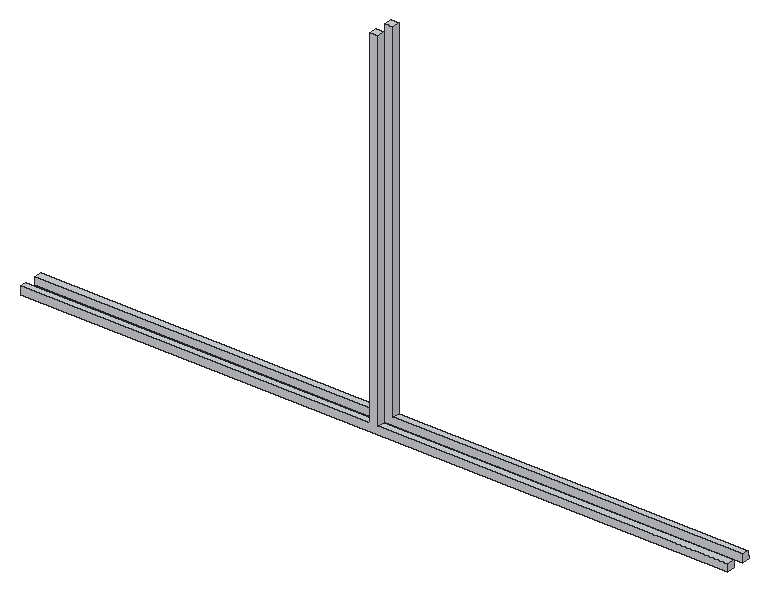
Revit family "M_Padrão do montante_fracional_1x2", category Modelos genéricos, Revit 2019
Family settings
  Pode hospedar o vergalhão = Não
  Cota do conector redondo = Utilizar diâmetro
  Tipo de parte = Normal
  Com base no plano de trabalho = Não
  Sempre na vertical = Sim
  Corte com vazios quando carregada = Não
  Compartilhado = Sim
  Ponto de cálculo do ambiente = Não
Parameters
  Largura [instance] = 1200 mm
  Espessura = 12.7 mm
  Altura [instance] = 1200 mm
  Material interior [instance] = none
  Material externo [instance] = none
  Distância = 19.05 mm
Reference planes
  plane 1 "Centro (Frente/Trás)": y = 0
  plane 2: z = 0
  plane 3 "Centro (Esquerda/Direita)": x = 0
  plane 4: z = 1200
  plane 5: x = -600
  plane 6: x = 600
  plane 7 "a": y = 9.525
  plane 8 "b": y = -9.525
  plane 9: z = 600
  plane 10: x = 0
  plane 11: x = -6.35
  plane 12: x = 6.35
  plane 13: z = 606.35
  plane 14: z = 593.65
  plane 15: y = 22.225
  plane 16: y = -22.225
Forms (mm)
  Extrusion 1, solid, material <- "Material externo", detail levels fine
    sketch origin (0, 0, 0) x (1, 0, 0) y (0, 0, 1)
      loop
        line (-600, 593.65) -> (600, 593.65) -> (600, 606.35) -> (6.35, 606.35) -> (6.35, 1200) -> (-6.35, 1200) -> (-6.35, 606.35) -> (-600, 606.35) -> (-600, 593.65)
    from -22.225 to -9.525
  Extrusion 2, solid, material <- "Material interior", detail levels fine
    sketch origin (0, 0, 0) x (1, 0, 0) y (0, 0, -1)
      loop
        line (-600, -593.65) -> (-600, -606.35) -> (-6.35, -606.35) -> (-6.35, -1200) -> (6.35, -1200) -> (6.35, -606.35) -> (600, -606.35) -> (600, -593.65) -> (-600, -593.65)
    from -22.225 to -9.525
Lines and regions (mm)
  model lines, style "GenericModel", detail levels medium
    curve 1: line (0, 9.525, 1200) -> (0, 9.525, 600)
    curve 4: line (0, -9.525, 1200) -> (0, -9.525, 600)
  model lines, detail levels medium
    curve 2: line (-600, 9.525, 600) -> (600, 9.525, 600)
    curve 3: line (-600, -9.525, 600) -> (600, -9.525, 600)
Dimensions and locks
  equal spacing: plane 6, plane 3 "Centro (Esquerda/Direita)", plane 5
  "Largura": plane 6 to plane 5
  "Altura": plane 4 to plane 2
  equal spacing: plane 7 "a", plane 1 "Centro (Frente/Trás)", plane 8 "b"
  plane 12 to plane 10 to plane 11 = 6.35 mm locked, 6.35 mm locked
  locked: plane 13 to plane 9 at 6.35
  locked: plane 9 to plane 14 at 6.35
  equal spacing: plane 4, plane 9, plane 2
  "Espessura": plane 15 to plane 7 "a"
  "Espessura": plane 8 "b" to plane 16
  "Distância": plane 7 "a" to plane 8 "b"
  aligned and locked: plane 4 to curve 1
  aligned and locked: plane 9 to curve 1
  aligned and locked: plane 3 "Centro (Esquerda/Direita)" to plane 10
  aligned and locked: Extrusion 1 sketch curve to plane 14
  aligned and locked: Extrusion 1 sketch curve to plane 13
  aligned and locked: Extrusion 1 sketch curve to plane 5
  aligned and locked: Extrusion 1 sketch curve to plane 12
  aligned and locked: Extrusion 1 sketch curve to plane 11
  aligned and locked: Extrusion 1 sketch curve to plane 4
  aligned and locked: Extrusion 1 sketch curve to plane 6
  aligned and locked: plane 2 to level
  aligned and locked: Extrusion 1 to plane 7 "a"
  aligned and locked: Extrusion 1 to plane 15
  aligned and locked: curve 2 to plane 9
  aligned and locked: plane 5 to curve 2
  aligned and locked: plane 6 to curve 2
  aligned and locked: plane 8 "b" to Extrusion 2
  aligned and locked: Extrusion 2 to plane 5
  aligned and locked: Extrusion 2 to plane 16
  aligned and locked: plane 6 to Extrusion 2
  aligned and locked: plane 13 to Extrusion 2
  aligned and locked: Extrusion 2 to plane 14
  aligned and locked: Extrusion 1 to plane 5
  aligned and locked: plane 6 to Extrusion 1
  aligned and locked: plane 5 to curve 3
  aligned and locked: plane 6 to curve 3
  aligned and locked: plane 4 to curve 4
  aligned and locked: plane 9 to curve 4
Automatic sketch dimensions
  Extrusion 1 sketch curve to plane 13 = 0 mm
  curve 1 to plane 3 "Centro (Esquerda/Direita)" = 0 mm
  Extrusion 2 sketch curve to plane 5 = 0 mm
  Extrusion 2 sketch curve to plane 11 = 0 mm
  Extrusion 2 sketch curve to plane 4 = 0 mm
  Extrusion 2 sketch curve to plane 12 = 0 mm
  Extrusion 2 sketch curve to plane 6 = 0 mm
  Extrusion 2 sketch curve to plane 13 = 0 mm  (x2)
  Extrusion 2 sketch curve to plane 14 = 0 mm
  curve 3 to plane 6 = 0 mm
  curve 3 to plane 5 = 0 mm
  curve 4 to plane 3 "Centro (Esquerda/Direita)" = 0 mm
  curve 4 to plane 9 = 0 mm
  curve 4 to plane 4 = 0 mm
